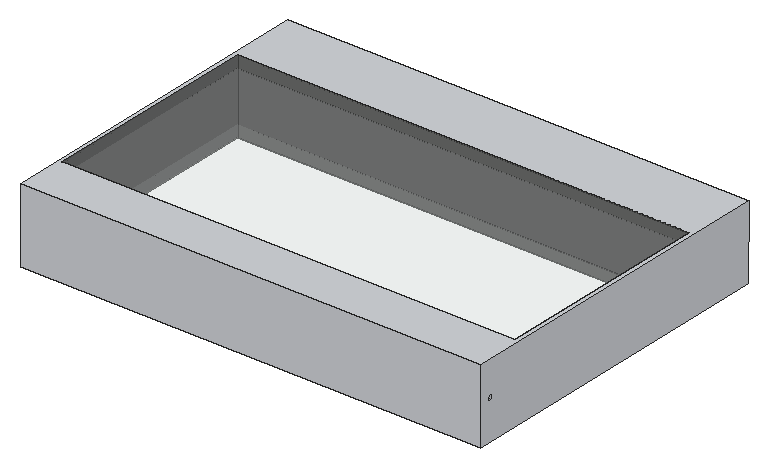
Revit family "Fireplace_Gas_DaVinci_Linear-ST", category Mechanical Equipment, host Face, Revit 2026
Family settings
  Host = Face
  Round Connector Dimension = Use Diameter
  Part Type = Normal
  Classification Number = 23.40.20.34.14
  Cut with Voids When Loaded = No
  Maintain Annotation Orientation = No
  Shared = No
  Room Calculation Point = No
Parameters (values of type "120 x 58 Viewing Area")
  Warranty Duration (Years) = 0
  Unit Length = 10' - 2"
  Unit Height = 7' - 4 5/8"
  Unit Depth = 1' - 7 5/8"
  URL = "http://www.davincifireplace.com/"
  Test Data = ""
  Standards Conformance = "as Specified"
  Specification = "http://www.arcat.com/sdspecs/htm04/10_31_00.10tra.htm"
  SpecWizard = "http://www.arcat.com/specwizard/10307tra/index04.htm"
  Sales Information = "http://www.davincifireplace.com/ContactUs.aspx"
  Revision = "R1_2017-04"
  Recess Into Host [instance] = 0' - 0 1/4"
  Product Properties = "http://www.davincifireplace.com/products.aspx"
  Product Data = "http://www.arcat.com/arcatcos/cos49/arc49714.html"
  Pressure Ranges [instance] = "5.5 - 7wc for NG  ;  11 - 13wc for LP"  # constant formula
  Opening Length = 10' - 0"
  Opening Height from Base of Unit = 1' - 0 5/8"
  Opening Height = 4' - 10"
  Mounting Height [instance] = 3' - 0"
  Model = "Linear See-Thru Category II"
  Media Material [instance] = Media - DaVinci - as Specified
  Manufacturer = "DaVinci Custom Fireplaces , Travis Industries Division"
  Maintenance Schedule (Months) = 0
  Locate Gas Connection from Front [instance] = 0' - 9"
  Locate Gas Connection Vertical [instance] = 0' - 3"
  Locate Exhaust B = 5' - 0"
  Locate Exhaust A = 2' - 7"
  Locate Air Inlet D = 3' - 5 1/4"
  Locate Air Inlet C = 1' - 6 3/4"
  Locate Air Inlet B = 3' - 5 1/4"
  Locate Air Inlet A = 0' - 10 3/8"
  Keynote = "10 31 00"
  Interior Finish [instance] = Finish - DaVinci - Black Porcelain
  Installation-Fabrication = ""
  Installation Phase = ""
  Inlet Volume [instance] = 0 CFM
  HVAC_Outlet Volume [instance] = 0 CFM
  HVAC_Exit Temperature [instance] = 0 °F
  HVAC_Exit Diameter [instance] = 6"
  HVAC_Entry Diameter [instance] = 4"
  HVAC_BTU Input = 14500.0 Btu/h * (BTU Input per Foot)  # 145000.0 Btu/h
  Green Building-LEED = ""
  Glazing Tint [instance] = Glass - DaVinci - Clear
  Glazing Edge Color [instance] = Finish - DaVinci - Black Paint
  Gas Connection Inlet Diameter [instance] = 1/2"
  Fuel Type [instance] = "as Specified"
  Expected Lifespan (Years) = 0
  Electrical_Voltage = 120 V
  Electrical_Amperage = 7 A
  Drawn By = "Sumex Design, Inc. / Robert S. Weygant, CSI, CDT, SCIP"
  Description = "DaVinci Linear See-Thru Gas Fireplace - as Specified"
  Default Elevation = 0' - 0"  # constant formula
  Copyright = "©Arcat Inc."
  Construction Details = "http://www.arcat.com/details/davinfp/davinfp.html?coid=49714"
  Building Codes = ""
  BTU Input per Foot = Opening Length / 1' 0"  # 10
  BTU Input Notes = "BTU Input per linear foot of the Fireplace Length"  # constant formula
  Available Options [instance] = "as Specified"
  Assembly Code = "E1090900"
Types (54): name | Unit Length | Unit Height | Opening Length | Opening Height from Base of Unit | Opening Height | Model | Locate Exhaust B | Locate Exhaust A | Locate Air Inlet D | Locate Air Inlet C | Locate Air Inlet B | Locate Air Inlet A | HVAC_BTU Input | BTU Input per Foot
  120 x 58 Viewing Area | 10' - 2" | 7' - 4 5/8" | 10' - 0" | 1' - 0 5/8" | 4' - 10" | "Linear See-Thru Category II" | 5' - 0" | 2' - 7" | 3' - 5 1/4" | 1' - 6 3/4" | 3' - 5 1/4" | 0' - 10 3/8" | 145000.0 Btu/h | 10
  120 x 48 Viewing Area | 10' - 2" | 6' - 6 5/8" | 10' - 0" | 1' - 0 5/8" | 4' - 0" | "Linear See-Thru Category II" | 0' - 0" | 2' - 7" | 3' - 5 1/4" | 1' - 4 15/16" | 2' - 8 7/8" | 0' - 8 9/16" | 145000.0 Btu/h | 10
  120 x 36 Viewing Area | 10' - 2" | 5' - 6 5/8" | 10' - 0" | 1' - 0 5/8" | 3' - 0" | "Linear See-Thru Category II" | 0' - 0" | 2' - 7" | 3' - 5 1/4" | 1' - 6 3/4" | 3' - 5 1/4" | 0' - 10 3/8" | 145000.0 Btu/h | 10
  120 x 30 Viewing Area | 10' - 2" | 5' - 0 5/8" | 10' - 0" | 1' - 0 5/8" | 2' - 6" | "Linear See-Thru Category II" | 0' - 0" | 2' - 7" | 3' - 5 1/4" | 1' - 6 3/4" | 3' - 5 1/4" | 0' - 10 3/8" | 145000.0 Btu/h | 10
  120 x 20 Viewing Area | 10' - 2" | 4' - 2 5/8" | 10' - 0" | 1' - 0 5/8" | 1' - 8" | "Linear See-Thru Category II" | 0' - 0" | 2' - 7" | 3' - 5 1/4" | 1' - 6 3/4" | 3' - 5 1/4" | 0' - 10 3/8" | 145000.0 Btu/h | 10
  120 x 12 Viewing Area | 10' - 2" | 3' - 6 5/8" | 10' - 0" | 1' - 0 5/8" | 1' - 0" | "Linear See-Thru Category II" | 0' - 0" | 2' - 7" | 3' - 5 1/4" | 1' - 6 3/4" | 3' - 5 1/4" | 0' - 10 3/8" | 145000.0 Btu/h | 10
  108 x 58 Viewing Area | 9' - 2" | 7' - 4 5/8" | 9' - 0" | 1' - 0 5/8" | 4' - 10" | "Linear See-Thru Category II" | 0' - 0" | 2' - 7" | 3' - 5 1/4" | 1' - 4 15/16" | 2' - 8 7/8" | 0' - 8 9/16" | 130500.0 Btu/h | 9
  108 x 48 Viewing Area | 9' - 2" | 6' - 6 5/8" | 9' - 0" | 1' - 0 5/8" | 4' - 0" | "Linear See-Thru Category II" | 0' - 0" | 2' - 7" | 3' - 5 1/4" | 1' - 4 15/16" | 2' - 8 7/8" | 0' - 8 9/16" | 130500.0 Btu/h | 9
  108 x 36 Viewing Area | 9' - 2" | 5' - 6 5/8" | 9' - 0" | 1' - 0 5/8" | 3' - 0" | "Linear See-Thru Category II" | 0' - 0" | 2' - 7" | 3' - 5 1/4" | 1' - 4 15/16" | 2' - 8 7/8" | 0' - 8 9/16" | 130500.0 Btu/h | 9
  108 x 30 Viewing Area | 9' - 2" | 5' - 0 5/8" | 9' - 0" | 1' - 0 5/8" | 2' - 6" | "Linear See-Thru Category II" | 0' - 0" | 2' - 7" | 3' - 5 1/4" | 1' - 4 15/16" | 2' - 8 7/8" | 0' - 8 9/16" | 130500.0 Btu/h | 9
  108 x 20 Viewing Area | 9' - 2" | 4' - 2 5/8" | 9' - 0" | 1' - 0 5/8" | 1' - 8" | "Linear See-Thru Category II" | 0' - 0" | 2' - 7" | 3' - 5 1/4" | 1' - 4 15/16" | 2' - 8 7/8" | 0' - 8 9/16" | 130500.0 Btu/h | 9
  108 x 12 Viewing Area | 9' - 2" | 3' - 6 5/8" | 9' - 0" | 1' - 0 5/8" | 1' - 0" | "Linear See-Thru Category II" | 0' - 0" | 2' - 7" | 3' - 5 1/4" | 1' - 4 15/16" | 2' - 8 7/8" | 0' - 8 9/16" | 130500.0 Btu/h | 9
  96 x 58 Viewing Area | 8' - 2" | 7' - 4 5/8" | 8' - 0" | 1' - 0 5/8" | 4' - 10" | "Linear See-Thru Category II" | 4' - 0" | 2' - 1" | 0' - 0" | 2' - 8 7/8" | 1' - 3 1/8" | 3' - 5 7/16" | 116000.0 Btu/h | 8
  96 x 48 Viewing Area | 8' - 2" | 6' - 6 5/8" | 8' - 0" | 1' - 0 5/8" | 4' - 0" | "Linear See-Thru Category II" | 4' - 0" | 2' - 1" | 2' - 8 7/8" | 1' - 3 1/8" | 2' - 8 7/8" | 0' - 8 9/16" | 116000.0 Btu/h | 8
  96 x 36 Viewing Area | 8' - 2" | 5' - 6 5/8" | 8' - 0" | 1' - 0 5/8" | 3' - 0" | "Linear See-Thru Category II" | 0' - 0" | 2' - 1" | 0' - 0" | 2' - 8 7/8" | 1' - 3 1/8" | 3' - 5 7/16" | 116000.0 Btu/h | 8
  96 x 30 Viewing Area | 8' - 2" | 5' - 0 5/8" | 8' - 0" | 1' - 0 5/8" | 2' - 6" | "Linear See-Thru Category II" | 0' - 0" | 2' - 1" | 0' - 0" | 2' - 8 7/8" | 1' - 3 1/8" | 3' - 5 7/16" | 116000.0 Btu/h | 8
  96 x 20 Viewing Area | 8' - 2" | 4' - 2 5/8" | 8' - 0" | 1' - 0 5/8" | 1' - 8" | "Linear See-Thru Category II" | 0' - 0" | 2' - 1" | 0' - 0" | 2' - 8 7/8" | 1' - 3 1/8" | 3' - 5 7/16" | 116000.0 Btu/h | 8
  96 x 12 Viewing Area | 8' - 2" | 3' - 6 5/8" | 8' - 0" | 1' - 0 5/8" | 1' - 0" | "Linear See-Thru Category II" | 0' - 0" | 2' - 1" | 0' - 0" | 2' - 8 7/8" | 1' - 3 1/8" | 3' - 5 7/16" | 116000.0 Btu/h | 8
  84 x 58 Viewing Area | 7' - 2" | 7' - 4 5/8" | 7' - 0" | 1' - 0 5/8" | 4' - 10" | "Linear See-Thru Category II" | 3' - 6" | 2' - 1" | 0' - 0" | 2' - 8 7/8" | 1' - 1 9/16" | 2' - 7" | 101500.0 Btu/h | 7
  84 x 48 Viewing Area | 7' - 2" | 6' - 6 5/8" | 7' - 0" | 1' - 0 5/8" | 4' - 0" | "Linear See-Thru Category II" | 3' - 6" | 2' - 1" | 2' - 8 7/8" | 1' - 1 9/16" | 2' - 0" | 0' - 7" | 101500.0 Btu/h | 7
  84 x 36 Viewing Area | 7' - 2" | 5' - 6 5/8" | 7' - 0" | 1' - 0 5/8" | 3' - 0" | "Linear See-Thru Category II" | 0' - 0" | 2' - 1" | 0' - 0" | 2' - 8 7/8" | 1' - 1 9/16" | 2' - 7" | 101500.0 Btu/h | 7
  84 x 30 Viewing Area | 7' - 2" | 5' - 0 5/8" | 7' - 0" | 1' - 0 5/8" | 2' - 6" | "Linear See-Thru Category II" | 0' - 0" | 2' - 1" | 0' - 0" | 2' - 8 7/8" | 1' - 1 9/16" | 2' - 7" | 101500.0 Btu/h | 7
  84 x 20 Viewing Area | 7' - 2" | 4' - 2 5/8" | 7' - 0" | 1' - 0 5/8" | 1' - 8" | "Linear See-Thru Category II" | 0' - 0" | 2' - 1" | 0' - 0" | 2' - 8 7/8" | 1' - 1 9/16" | 2' - 7" | 101500.0 Btu/h | 7
  84 x 12 Viewing Area | 7' - 2" | 3' - 6 5/8" | 7' - 0" | 1' - 0 5/8" | 1' - 0" | "Linear See-Thru Category II" | 0' - 0" | 2' - 1" | 0' - 0" | 2' - 8 7/8" | 1' - 1 9/16" | 2' - 7" | 101500.0 Btu/h | 7
  72 x 58 Viewing Area | 6' - 2" | 7' - 4 5/8" | 6' - 0" | 1' - 0 5/8" | 4' - 10" | "Linear See-Thru Category I" | 0' - 0" | 1' - 7" | 0' - 0" | 0' - 0" | 1' - 0" | 2' - 7" | 87000.0 Btu/h | 6
  72 x 48 Viewing Area | 6' - 2" | 6' - 6 5/8" | 6' - 0" | 1' - 0 5/8" | 4' - 0" | "Linear See-Thru Category I" | 3' - 0" | 1' - 7" | 2' - 0" | 1' - 0" | 2' - 0" | 0' - 7" | 87000.0 Btu/h | 6
  72 x 36 Viewing Area | 6' - 2" | 5' - 6 5/8" | 6' - 0" | 1' - 0 5/8" | 3' - 0" | "Linear See-Thru Category I" | 0' - 0" | 1' - 7" | 0' - 0" | 0' - 0" | 1' - 0" | 2' - 7" | 87000.0 Btu/h | 6
  72 x 30 Viewing Area | 6' - 2" | 5' - 0 5/8" | 6' - 0" | 1' - 0 5/8" | 2' - 6" | "Linear See-Thru Category I" | 0' - 0" | 1' - 7" | 0' - 0" | 0' - 0" | 1' - 0" | 2' - 7" | 87000.0 Btu/h | 6
  72 x 20 Viewing Area | 6' - 2" | 4' - 2 5/8" | 6' - 0" | 1' - 0 5/8" | 1' - 8" | "Linear See-Thru Category I" | 0' - 0" | 1' - 7" | 0' - 0" | 0' - 0" | 1' - 0" | 2' - 7" | 87000.0 Btu/h | 6
  72 x 12 Viewing Area | 6' - 2" | 3' - 6 5/8" | 6' - 0" | 1' - 0 5/8" | 1' - 0" | "Linear See-Thru Category I" | 0' - 0" | 1' - 7" | 0' - 0" | 0' - 0" | 1' - 0" | 2' - 7" | 87000.0 Btu/h | 6
  60 x 58 Viewing Area | 5' - 2" | 7' - 3 3/16" | 5' - 0" | 0' - 11 1/8" | 4' - 10" | "Linear See-Thru Category I" | 0' - 0" | 2' - 7" | 0' - 0" | 0' - 0" | 0' - 0" | 0' - 10 3/8" | 72500.0 Btu/h | 5
  60 x 48 Viewing Area | 5' - 2" | 6' - 6 5/8" | 5' - 0" | 1' - 0 5/8" | 4' - 0" | "Linear See-Thru Category I" | 0' - 0" | 2' - 7" | 0' - 0" | 0' - 0" | 0' - 0" | 0' - 10 3/8" | 72500.0 Btu/h | 5
  60 x 36 Viewing Area | 5' - 2" | 5' - 5 3/16" | 5' - 0" | 0' - 11 1/8" | 3' - 0" | "Linear See-Thru Category I" | 0' - 0" | 2' - 7" | 0' - 0" | 0' - 0" | 0' - 0" | 0' - 10 3/8" | 72500.0 Btu/h | 5
  60 x 30 Viewing Area | 5' - 2" | 4' - 11 3/16" | 5' - 0" | 0' - 11 1/8" | 2' - 6" | "Linear See-Thru Category I" | 0' - 0" | 2' - 7" | 0' - 0" | 0' - 0" | 0' - 0" | 0' - 10 3/8" | 72500.0 Btu/h | 5
  60 x 20 Viewing Area | 5' - 2" | 4' - 1 3/16" | 5' - 0" | 0' - 11 1/8" | 1' - 8" | "Linear See-Thru Category I" | 0' - 0" | 2' - 7" | 0' - 0" | 0' - 0" | 0' - 0" | 0' - 10 3/8" | 72500.0 Btu/h | 5
  60 x 12 Viewing Area | 5' - 2" | 3' - 5 3/16" | 5' - 0" | 0' - 11 1/8" | 1' - 0" | "Linear See-Thru Category I" | 0' - 0" | 2' - 7" | 0' - 0" | 0' - 0" | 0' - 0" | 0' - 10 3/8" | 72500.0 Btu/h | 5
  48 x 58 Viewing Area | 4' - 2" | 7' - 3 3/16" | 4' - 0" | 0' - 11 1/8" | 4' - 10" | "Linear See-Thru Category I" | 0' - 0" | 2' - 1" | 0' - 0" | 0' - 0" | 0' - 0" | 0' - 8 9/16" | 58000.0 Btu/h | 4
  48 x 48 Viewing Area | 4' - 2" | 6' - 6 5/8" | 4' - 0" | 1' - 0 5/8" | 4' - 0" | "Linear See-Thru Category I" | 0' - 0" | 2' - 1" | 0' - 0" | 0' - 0" | 0' - 0" | 0' - 8 9/16" | 58000.0 Btu/h | 4
  48 x 36 Viewing Area | 4' - 2" | 5' - 5 3/16" | 4' - 0" | 0' - 11 1/8" | 3' - 0" | "Linear See-Thru Category I" | 0' - 0" | 2' - 1" | 0' - 0" | 0' - 0" | 0' - 0" | 0' - 8 9/16" | 58000.0 Btu/h | 4
  48 x 30 Viewing Area | 4' - 2" | 4' - 11 3/16" | 4' - 0" | 0' - 11 1/8" | 2' - 6" | "Linear See-Thru Category I" | 0' - 0" | 2' - 1" | 0' - 0" | 0' - 0" | 0' - 0" | 0' - 8 9/16" | 58000.0 Btu/h | 4
  48 x 20 Viewing Area | 4' - 2" | 4' - 1 3/16" | 4' - 0" | 0' - 11 1/8" | 1' - 8" | "Linear See-Thru Category I" | 0' - 0" | 2' - 1" | 0' - 0" | 0' - 0" | 0' - 0" | 0' - 8 9/16" | 58000.0 Btu/h | 4
  48 x 12 Viewing Area | 4' - 2" | 3' - 5 3/16" | 4' - 0" | 0' - 11 1/8" | 1' - 0" | "Linear See-Thru Category I" | 0' - 0" | 2' - 1" | 0' - 0" | 0' - 0" | 0' - 0" | 0' - 8 9/16" | 58000.0 Btu/h | 4
  36 x 58 Viewing Area | 3' - 2" | 7' - 3 3/16" | 3' - 0" | 0' - 11 1/8" | 4' - 10" | "Linear See-Thru Category I" | 0' - 0" | 1' - 7" | 0' - 0" | 0' - 0" | 0' - 0" | 0' - 7" | 43500.0 Btu/h | 3
  36 x 48 Viewing Area | 3' - 2" | 6' - 6 5/8" | 3' - 0" | 1' - 0 5/8" | 4' - 0" | "Linear See-Thru Category I" | 0' - 0" | 1' - 7" | 0' - 0" | 0' - 0" | 0' - 0" | 0' - 7" | 43500.0 Btu/h | 3
  36 x 36 Viewing Area | 3' - 2" | 5' - 5 3/16" | 3' - 0" | 0' - 11 1/8" | 3' - 0" | "Linear See-Thru Category I" | 0' - 0" | 1' - 7" | 0' - 0" | 0' - 0" | 0' - 0" | 0' - 7" | 43500.0 Btu/h | 3
  36 x 30 Viewing Area | 3' - 2" | 4' - 11 3/16" | 3' - 0" | 0' - 11 1/8" | 2' - 6" | "Linear See-Thru Category I" | 0' - 0" | 1' - 7" | 0' - 0" | 0' - 0" | 0' - 0" | 0' - 7" | 43500.0 Btu/h | 3
  36 x 20 Viewing Area | 3' - 2" | 4' - 1 3/16" | 3' - 0" | 0' - 11 1/8" | 1' - 8" | "Linear See-Thru Category I" | 0' - 0" | 1' - 7" | 0' - 0" | 0' - 0" | 0' - 0" | 0' - 7" | 43500.0 Btu/h | 3
  36 x 12 Viewing Area | 3' - 2" | 3' - 5 3/16" | 3' - 0" | 0' - 11 1/8" | 1' - 0" | "Linear See-Thru Category I" | 0' - 0" | 1' - 7" | 0' - 0" | 0' - 0" | 0' - 0" | 0' - 7" | 43500.0 Btu/h | 3
  24 x 58 Viewing Area | 2' - 2" | 7' - 4 5/8" | 2' - 0" | 1' - 0 5/8" | 4' - 10" | "Linear See-Thru Category I" | 0' - 0" | 0' - 7" | 0' - 0" | 0' - 0" | 0' - 0" | 0' - 7" | 29000.0 Btu/h | 2
  24 x 48 Viewing Area | 2' - 2" | 6' - 6 5/8" | 2' - 0" | 1' - 0 5/8" | 4' - 0" | "Linear See-Thru Category I" | 0' - 0" | 0' - 7" | 0' - 0" | 0' - 0" | 0' - 0" | 0' - 7" | 29000.0 Btu/h | 2
  24 x 36 Viewing Area | 2' - 2" | 5' - 6 5/8" | 2' - 0" | 1' - 0 5/8" | 3' - 0" | "Linear See-Thru Category I" | 0' - 0" | 0' - 7" | 0' - 0" | 0' - 0" | 0' - 0" | 0' - 7" | 29000.0 Btu/h | 2
  24 x 30 Viewing Area | 2' - 2" | 5' - 0 5/8" | 2' - 0" | 1' - 0 5/8" | 2' - 6" | "Linear See-Thru Category I" | 0' - 0" | 0' - 7" | 0' - 0" | 0' - 0" | 0' - 0" | 0' - 7" | 29000.0 Btu/h | 2
  24 x 20 Viewing Area | 2' - 2" | 4' - 2 5/8" | 2' - 0" | 1' - 0 5/8" | 1' - 8" | "Linear See-Thru Category I" | 0' - 0" | 0' - 7" | 0' - 0" | 0' - 0" | 0' - 0" | 0' - 7" | 29000.0 Btu/h | 2
  24 x 12 Viewing Area | 2' - 2" | 3' - 6 5/8" | 2' - 0" | 1' - 0 5/8" | 1' - 0" | "Linear See-Thru Category I" | 0' - 0" | 0' - 7" | 0' - 0" | 0' - 0" | 0' - 0" | 0' - 7" | 29000.0 Btu/h | 2
Reference planes (in)
  plane 1 "Center (Front/Back)": y = 22.97479
  plane 2: z = 0
  plane 3 "Center (Left/Right)": x = 0
  plane 4: y = 67.28729
  plane 5: y = -21.33771
  plane 6: x = -61
  plane 7: x = 61
  plane 8 "Front": z = -0.25
  plane 9 "Rear": z = -19.875
  plane 10: y = -8.71271
  plane 11: y = 49.28729
  plane 12: x = -60
  plane 13: x = 60
  plane 14 "FF": y = -44.71271
  plane 15: x = 50.625
  plane 16: x = 9.375
  plane 17: x = -9.375
  plane 18: x = -50.625
  plane 19: z = -10.0625
  plane 20: x = -30
  plane 21: x = 30
Forms (in)
  Extrusion 1, solid
    sketch origin (-15.17702, -180, -19.875) x (-1, 0, 0) y (0, -1, 0)
      loop
        line (45.82298, -247.28729) -> (45.82298, -158.66229) -> (-76.17702, -158.66229) -> (-76.17702, -247.28729) -> (45.82298, -247.28729)
      loop
        line (44.82298, -229.28729) -> (44.82298, -171.28729) -> (-75.17702, -171.28729) -> (-75.17702, -229.28729) -> (44.82298, -229.28729)
    from 0 to 19.625
  Extrusion 2, void
    sketch origin (-15.17702, -180, -19.875) x (0, -1, 0) y (-1, 0, 0)
      loop
        line (-247.28729, 45.82298) -> (-247.28729, -76.17702) -> (-158.66229, -76.17702) -> (-158.66229, 45.82298) -> (-247.28729, 45.82298)
    from 0 to -19.625
  Extrusion 3, void
    sketch origin (-15.17702, -180, -0.25) x (0, -1, 0) y (-1, 0, 0)
      loop
        line (-171.25604, 44.85423) -> (-229.31854, 44.85423) -> (-229.31854, -75.20827) -> (-171.25604, -75.20827) -> (-171.25604, 44.85423)
    from 0 to -12
  Extrusion 4, solid, material "Glass - DaVinci - Clear" <- "Glazing Tint"
    sketch origin (-15.17702, -180, -0.25) x (-1, 0, 0) y (0, -1, 0)
      loop
        line (44.82298, -229.28729) -> (44.82298, -171.28729) -> (-75.17702, -171.28729) -> (-75.17702, -229.28729) -> (44.82298, -229.28729)
    from 0 to -0.25
  Extrusion 5, solid, material "Glass - DaVinci - Clear" <- "Glazing Tint"
    sketch origin (-15.17702, -180, -0.25) x (-1, 0, 0) y (0, -1, 0)
      loop
        line (44.82298, -229.28729) -> (44.82298, -171.28729) -> (-75.17702, -171.28729) -> (-75.17702, -229.28729) -> (44.82298, -229.28729)
    from -3.25 to -3
  Extrusion 6, solid, material "Media - DaVinci - as Specified" <- "Media Material"
    sketch origin (0, -23.83771, -10.0625) x (0, -1, 0) y (1, 0, 0)
      loop
        line (-15.125, -60) -> (-15.125, 60) -> (-15.5, 60) -> (-15.5, -60) -> (-15.125, -60)
    from 9.5625 to -9.5625
  Extrusion 7, solid
    sketch origin (-11.83813, 67.28729, 48) x (-1, 0, 0) y (0, 0, 1)
      loop
        circle (18.16187, -58.0625) r 3
    from 0 to 2.5
  Extrusion 8, solid
    sketch origin (-11.83813, 67.28729, 48) x (-1, 0, 0) y (0, 0, 1)
      loop
        circle (-62.46313, -58.0625) r 2
    from 0 to 2.5
  Extrusion 9, solid
    sketch origin (-11.83813, 67.28729, 48) x (-1, 0, 0) y (0, 0, 1)
      loop
        circle (-21.21313, -58.0625) r 2
    from 0 to 2.5
  Extrusion 10, solid
    sketch origin (-11.83813, 67.28729, 48) x (-1, 0, 0) y (0, 0, 1)
      loop
        circle (-2.46313, -58.0625) r 2
    from 0 to 2.5
  Extrusion 11, solid
    sketch origin (-11.83813, 67.28729, 48) x (-1, 0, 0) y (0, 0, 1)
      loop
        circle (38.78687, -58.0625) r 2
    from 0 to 2.5
  Extrusion 12, solid
    sketch origin (61, 19.13326, 48) x (0, 1, 0) y (0, 0, 1)
      loop
        circle (-37.47098, -57.25) r 0.5
    from 0 to -0.52681
  Extrusion 13, solid, material "Glass - DaVinci - Clear" <- "Glazing Tint"
    sketch origin (-15.17702, -180, -19.875) x (-1, 0, 0) y (0, -1, 0)
      loop
        line (44.82298, -229.28729) -> (44.82298, -171.28729) -> (-75.17702, -171.28729) -> (-75.17702, -229.28729) -> (44.82298, -229.28729)
    from 0 to 0.25
  Extrusion 14, solid, material "Glass - DaVinci - Clear" <- "Glazing Tint"
    sketch origin (-15.17702, -180, -19.875) x (-1, 0, 0) y (0, -1, 0)
      loop
        line (44.82298, -229.28729) -> (44.82298, -171.28729) -> (-75.17702, -171.28729) -> (-75.17702, -229.28729) -> (44.82298, -229.28729)
    from 3.25 to 3
  Extrusion 15, void
    sketch origin (-15.17702, -180, -19.875) x (0, -1, 0) y (-1, 0, 0)
      loop
        line (-171.25604, 44.85423) -> (-229.31854, 44.85423) -> (-229.31854, -75.20827) -> (-171.25604, -75.20827) -> (-171.25604, 44.85423)
    from 0 to 12
  Extrusion 16, solid
    sketch origin (-11.83813, 67.28729, 48) x (-1, 0, 0) y (0, 0, 1)
      loop
        circle (-41.83813, -58.0625) r 3
    from 0 to 2.5
Cuts and joins
  Extrusion 15 cuts Extrusion 4
Dimensions and locks (in)
  equal spacing: plane 4, plane 1 "Center (Front/Back)", plane 5
  "Unit Height": plane 4 to plane 5
  equal spacing: plane 6, plane 3 "Center (Left/Right)", plane 7
  "Unit Length": plane 6 to plane 7
  "Recess Into Host": level to plane 8 "Front"
  "Unit Depth": plane 8 "Front" to plane 9 "Rear"
  equal spacing: plane 12, plane 3 "Center (Left/Right)", plane 13
  "Opening Height from Base of Unit": plane 10 to plane 5
  "Opening Height": plane 11 to plane 10
  "Opening Length": plane 12 to plane 13
  locked: Extrusion 3 sketch curve to plane 12 at 0.03125
  locked: plane 13 to Extrusion 3 sketch curve at 0.03125
  locked: Extrusion 3 sketch curve to plane 11 at 0.03125
  locked: plane 10 to Extrusion 3 sketch curve at 0.03125
  "Mounting Height": plane 10 to plane 14 "FF"
  locked: Extrusion 6 sketch curve to plane 10 at 0.375
  equal spacing: plane 8 "Front", Extrusion 7 sketch curve, plane 9 "Rear"
  equal spacing: plane 8 "Front", Extrusion 8 sketch curve, plane 9 "Rear"
  "Locate Air Inlet A": plane 7 to plane 15
  "Locate Air Inlet B": plane 16 to plane 15
  "Locate Air Inlet C": plane 17 to plane 16
  "Locate Air Inlet D": plane 18 to plane 17
  locked: plane 15 to Extrusion 8 sketch curve
  locked: Extrusion 9 sketch curve to plane 16
  equal spacing: plane 8 "Front", Extrusion 9 sketch curve, plane 9 "Rear"
  locked: Extrusion 10 sketch curve to plane 17
  equal spacing: plane 8 "Front", Extrusion 10 sketch curve, plane 9 "Rear"
  locked: Extrusion 11 sketch curve to plane 18
  equal spacing: plane 8 "Front", Extrusion 11 sketch curve, plane 9 "Rear"
  "Locate Gas Connection Vertical": plane 5 to Extrusion 12 sketch curve
  "Locate Gas Connection from Front": plane 8 "Front" to Extrusion 12 sketch curve
  equal spacing: plane 8 "Front", plane 19, plane 9 "Rear"
  locked: Extrusion 15 sketch curve to plane 11 at 0.03125
  locked: plane 10 to Extrusion 15 sketch curve at 0.03125
  locked: Extrusion 15 sketch curve to plane 12 at 0.03125
  locked: plane 13 to Extrusion 15 sketch curve at 0.03125
  "Locate Exhaust A": plane 20 to plane 6
  "Locate Exhaust B": plane 21 to plane 20
  "HVAC_Exit Diameter": diameter of Extrusion 16 sketch curve
  aligned and locked: host face to plane 2
  aligned and locked: host face to level
  aligned and locked: Extrusion 1 sketch curve to plane 4
  aligned and locked: Extrusion 1 sketch curve to plane 6
  aligned and locked: Extrusion 1 sketch curve to plane 5
  aligned and locked: Extrusion 1 sketch curve to plane 7
  aligned and locked: Extrusion 1 sketch curve to plane 11
  aligned and locked: plane 12 to Extrusion 1 sketch curve
  aligned and locked: Extrusion 1 sketch curve to plane 10
  aligned and locked: Extrusion 1 sketch curve to plane 13
  aligned and locked: Extrusion 1 to plane 9 "Rear"
  aligned and locked: plane 8 "Front" to Extrusion 1
  aligned and locked: plane 8 "Front" to Extrusion 2
  aligned and locked: Extrusion 4 sketch curve to plane 13
  aligned and locked: plane 12 to Extrusion 4 sketch curve
  aligned and locked: Extrusion 4 sketch curve to plane 11
  aligned and locked: Extrusion 4 sketch curve to plane 10
  aligned and locked: Extrusion 5 sketch curve to plane 13
  aligned and locked: plane 12 to Extrusion 5 sketch curve
  aligned and locked: Extrusion 5 sketch curve to plane 11
  aligned and locked: Extrusion 5 sketch curve to plane 10
  aligned and locked: Extrusion 6 sketch curve to plane 12
  aligned and locked: plane 13 to Extrusion 6 sketch curve
  aligned and locked: Extrusion 6 sketch curve to plane 10
  aligned and locked: plane 12 to Extrusion 13 sketch curve
  aligned and locked: Extrusion 13 sketch curve to plane 11
  aligned and locked: Extrusion 13 sketch curve to plane 13
  aligned and locked: Extrusion 13 sketch curve to plane 10
  aligned and locked: plane 12 to Extrusion 14 sketch curve
  aligned and locked: Extrusion 14 sketch curve to plane 13
  aligned and locked: Extrusion 14 sketch curve to plane 11
  aligned and locked: Extrusion 14 sketch curve to plane 10
  aligned and locked: plane 20 to Extrusion 7 sketch curve
  aligned and locked: plane 21 to Extrusion 16 sketch curve
  aligned and locked: plane 19 to Extrusion 16 sketch curve
Automatic sketch dimensions
  host sketch curve to host sketch curve = 15' - 8.22897"
  host sketch curve to host sketch curve = 13' - 3.28729"
  Extrusion 2 sketch curve to plane 4 = 0' - 0"
  Extrusion 2 sketch curve to plane 5 = 0' - 0"
  Extrusion 2 sketch curve to plane 6 = 0' - 0"
  Extrusion 2 sketch curve to plane 7 = 0' - 0"
  radius of Extrusion 8 sketch curve = 0' - 2"
  radius of Extrusion 9 sketch curve = 0' - 2"
  radius of Extrusion 10 sketch curve = 0' - 2"
  radius of Extrusion 11 sketch curve = 0' - 2"
  radius of Extrusion 7 sketch curve = 0' - 3"
  radius of Extrusion 12 sketch curve = 0' - 0 1/2"
Connectors (in)
  hvac at (-30, 69.78729, -10.0625), driven by "HVAC_Outlet Volume", driven by "HVAC_Exit Diameter"
    settings: on Extrusion 7, index 2, duct flow 0 CFM, flow factor 0, pres drop 0.00 in-wg, loss coef 0, conn angle 0.00°, conn width 12", conn height 12", conn diameter 6", duct sys type 3, conn prof type 0, flow config 0, flow direction 2, loss method 0, conn ref index -1, conn util no, is conn primary yes, conn desc ""
  hvac at (50.625, 69.78729, -10.0625), driven by "Inlet Volume", driven by "HVAC_Entry Diameter"
    settings: on Extrusion 8, index 3, duct flow 0 CFM, flow factor 0, pres drop 0.00 in-wg, loss coef 0, conn angle 0.00°, conn width 12", conn height 12", conn diameter 4", duct sys type 4, conn prof type 0, flow config 0, flow direction 1, loss method 0, conn ref index -1, conn util no, is conn primary no, conn desc ""
  hvac at (9.375, 69.78729, -10.0625), driven by "Inlet Volume", driven by "HVAC_Entry Diameter"
    settings: on Extrusion 9, index 4, duct flow 0 CFM, flow factor 0, pres drop 0.00 in-wg, loss coef 0, conn angle 0.00°, conn width 12", conn height 12", conn diameter 4", duct sys type 4, conn prof type 0, flow config 0, flow direction 1, loss method 0, conn ref index -1, conn util no, is conn primary no, conn desc ""
  hvac at (-9.375, 69.78729, -10.0625), driven by "Inlet Volume", driven by "HVAC_Entry Diameter"
    settings: on Extrusion 10, index 5, duct flow 0 CFM, flow factor 0, pres drop 0.00 in-wg, loss coef 0, conn angle 0.00°, conn width 12", conn height 12", conn diameter 4", duct sys type 4, conn prof type 0, flow config 0, flow direction 1, loss method 0, conn ref index -1, conn util no, is conn primary no, conn desc ""
  hvac at (-50.625, 69.78729, -10.0625), driven by "Inlet Volume", driven by "HVAC_Entry Diameter"
    settings: on Extrusion 11, index 6, duct flow 0 CFM, flow factor 0, pres drop 0.00 in-wg, loss coef 0, conn angle 0.00°, conn width 12", conn height 12", conn diameter 4", duct sys type 4, conn prof type 0, flow config 0, flow direction 1, loss method 0, conn ref index -1, conn util no, is conn primary no, conn desc ""
  piping at (61, -18.33771, -9.25), diameter 0.5, driven by "Gas Connection Inlet Diameter"
    settings: on Extrusion 12, index 7, connector inside diameter 24", connector length 0' - 0", flow factor 0, pipe flow 0 GPM, pressure drop 0.00 psi, fitting loss kfactor 0, connector angle 0.00°, fixture units 0, engagement length 0' - 0", angle of deflection 0.00°, flow configuration 0, flow direction 1, fitting loss method 0, system type 29, joint type 0, gender type 0, connector reference index -1, connector utility 0, adjustable connector no, is connector primary yes, connector description ""
  electrical at (61, 22.97479, -10.0625), driven by "Electrical_Voltage"
    settings: on host face, index 8, voltage 120 V, apparent load 0 VA, apparent load phase1 0 VA, apparent load phase2 0 VA, apparent load phase3 0 VA, power factor 1, load classification "Power", number of poles 1, system type 31, power factor state 1, is connector primary yes, connector utility no, sub classification motor no, connector description ""
  hvac at (30, 69.78729, -10.0625), driven by "HVAC_Exit Diameter", driven by "HVAC_Outlet Volume"
    settings: on Extrusion 16, index 9, duct flow 0 CFM, flow factor 0, pres drop 0.00 in-wg, loss coef 0, conn angle 0.00°, conn width 12", conn height 12", conn diameter 6", duct sys type 3, conn prof type 0, flow config 0, flow direction 2, loss method 0, conn ref index -1, conn util no, is conn primary no, conn desc ""
